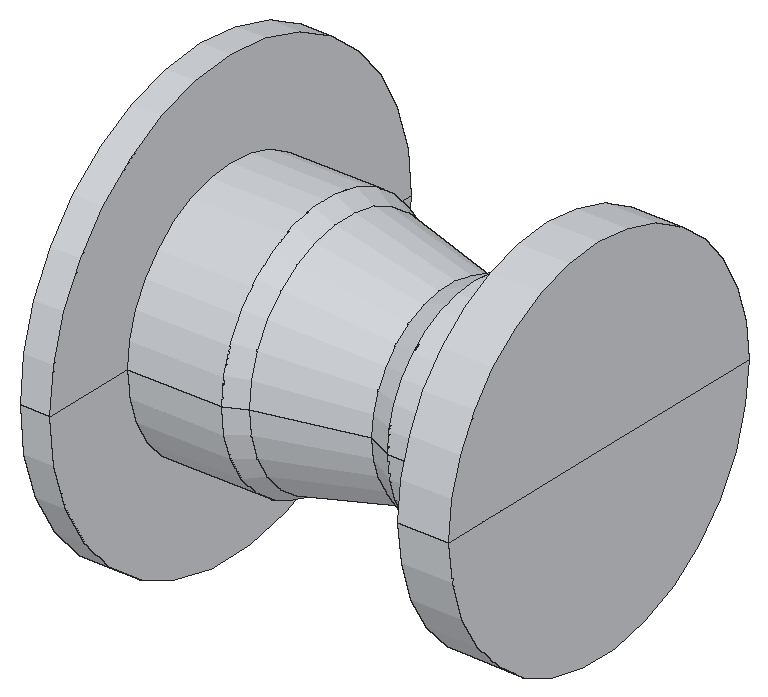
Revit family "0da9cc3efbb94581bf9d89ef3cc5a377", category Pipe Fittings, Revit 2021
Family settings
  Round Connector Dimension = Use Radius
  Part Type = Transition
  OmniClass Number = 23.60.30.11.14
  OmniClass Title = Pipework Fittings
  Work Plane-Based = No
  Always vertical = Yes
  Cut with Voids When Loaded = No
  Shared = No
Parameters (values of type "Standard")
  Visibility 2 [instance] = Nominal Diameter 2 > Nominal Diameter 1  # no
  Visibility 1 [instance] = Nominal Diameter 1 > Nominal Diameter 2  # yes
  URL = ""
  Type Comments = ""
  Tick Size 2 [instance] = if(Nominal Diameter 1 > Nominal Diameter 2, Min Tick Size 12, Max Tick Size 12)  # 1.5280"
  Tick Size 1 [instance] = if(Nominal Diameter 1 > Nominal Diameter 2, Max Tick Size 12, Min Tick Size 12)  # 1.9200"
  Min Tick Size 12 [instance] = Min Fitting Outside Diameter 12 * 0.4  # 1.5280"
  Max Tick Size 12 [instance] = Max Fitting Outside Diameter 12 * 0.4  # 1.9200"
  Socket Outside Radius 2 [instance] = Socket Outside Diameter 2 / 2  # 2.1800"
  Socket Outside Radius 1 [instance] = Socket Outside Diameter 1 / 2  # 2.5950"
  Socket Outside Diameter 2 [instance] = if(Nominal Diameter 1 > Nominal Diameter 2, Min Socket Outside Diameter 12, Max Socket Outside Diameter 12)  # 4.3600"
  Socket Outside Diameter 1 [instance] = if(Nominal Diameter 1 > Nominal Diameter 2, Max Socket Outside Diameter 12, Min Socket Outside Diameter 12)  # 5.1900"
  Socket Depth 2 [instance] = if(Nominal Diameter 2 < 14.0000", 2.5000", if(Nominal Diameter 2 < 30.0000", 3.5000", 4.0000"))  # 2.5000"
  Socket Depth 1 [instance] = if(Nominal Diameter 1 < 14.0000", 2.5000", if(Nominal Diameter 1 < 30.0000", 3.5000", 4.0000"))  # 2.5000"
  Min Socket Outside Diameter 12 [instance] = size_lookup(Lookup Table Name, "SOD", 1.08 * Min Nominal Diameter 12 + 1.1200", Min Nominal Diameter 12)  # 4.3600"
  Max Socket Outside Diameter 12 [instance] = size_lookup(Lookup Table Name, "SOD", 1.08 * Max Nominal Diameter 12 + 1.1200", Max Nominal Diameter 12)  # 5.1900"
  Nominal Radius 2 [instance] = 1.5000"
  Nominal Radius 1 [instance] = 2.0000"
  Nominal Diameter 2 [instance] = Nominal Radius 2 * 2  # 3.0000"
  Nominal Diameter 1 [instance] = Nominal Radius 1 * 2  # 4.0000"
  Min Nominal Diameter 12 [instance] = if(Nominal Diameter 1 > Nominal Diameter 2, Nominal Diameter 2, Nominal Diameter 1)  # 3.0000"
  Max Nominal Diameter 12 [instance] = if(Nominal Diameter 1 > Nominal Diameter 2, Nominal Diameter 1, Nominal Diameter 2)  # 4.0000"
  Manufacturer = ""
  Loss Method = K Coefficient from Table
  Lookup Table Name = "Reducer Compact - MJ - DI - Class 350"
  Length [instance] = if(Nominal Diameter 1 = Nominal Diameter 2, 4.0000", size_lookup(Lookup Table Name, "Lgt", 0.0800" + 1.11 * Max Nominal Diameter 12 - 0.97 * Min Nominal Diameter 12, Max Nominal Diameter 12, Min Nominal Diameter 12))  # 3.0000"
  K Coefficient Table = "Reducer/Coupling/Union/Increaser"
  Fitting Outside Radius 2 [instance] = Fitting Outside Diameter 2 / 2  # 1.9100"
  Fitting Outside Radius 1 [instance] = Fitting Outside Diameter 1 / 2  # 2.4000"
  Min Fitting Outside Diameter 12 [instance] = size_lookup(Lookup Table Name, "FOD", 1.04 * Min Nominal Diameter 12 + 0.7000", Min Nominal Diameter 12)  # 3.8200"
  Max Fitting Outside Diameter 12 [instance] = size_lookup(Lookup Table Name, "FOD", 1.04 * Max Nominal Diameter 12 + 0.7000", Max Nominal Diameter 12)  # 4.8000"
  built-in parameter 1114238 [instance] = (empty or 0)
  Fitting Outside Diameter 2 [instance] = if(Nominal Diameter 1 > Nominal Diameter 2, Min Fitting Outside Diameter 12, Max Fitting Outside Diameter 12)  # 3.8200"
  Fitting Outside Diameter 1 [instance] = if(Nominal Diameter 1 > Nominal Diameter 2, Max Fitting Outside Diameter 12, Min Fitting Outside Diameter 12)  # 4.8000"
  Description = ""
  Default Elevation = 0.0000"
  Bevel Length 2 [instance] = size_lookup(Lookup Table Name, "BvLgt", 0.04 * Nominal Diameter 2 + 0.4300", Nominal Diameter 2)  # 0.5500"
  Bevel Length 1 [instance] = size_lookup(Lookup Table Name, "BvLgt", 0.04 * Nominal Diameter 1 + 0.4300", Nominal Diameter 1)  # 0.3900"
  Gland Width 2 [instance] = size_lookup(Lookup Table Name, "GWid", 0.03 * Nominal Diameter 2 + 0.9400", Nominal Diameter 2)  # 1.0300"
  Gland Width 1 [instance] = size_lookup(Lookup Table Name, "GWid", 0.03 * Nominal Diameter 1 + 0.9400", Nominal Diameter 1)  # 0.6000"
  Gland Outside Radius 1 [instance] = Gland Outside Diameter 1 / 2  # 4.5300"
  Gland Outside Radius 2 [instance] = Gland Outside Diameter 2 / 2  # 3.7550"
  Max Gland Outside Diameter 12 [instance] = size_lookup(Lookup Table Name, "GOD", 1.16 * Max Nominal Diameter 12 + 4.0300", Max Nominal Diameter 12)  # 9.0600"
  Min Gland Outside Diameter 12 [instance] = size_lookup(Lookup Table Name, "GOD", 1.16 * Min Nominal Diameter 12 + 4.0300", Min Nominal Diameter 12)  # 7.5100"
  Gland Outside Diameter 2 [instance] = if(Nominal Diameter 1 > Nominal Diameter 2, Min Gland Outside Diameter 12, Max Gland Outside Diameter 12)  # 7.5100"
  Gland Outside Diameter 1 [instance] = if(Nominal Diameter 1 > Nominal Diameter 2, Max Gland Outside Diameter 12, Min Gland Outside Diameter 12)  # 9.0600"
  Assembly Code = ""
Reference planes (in)
  plane 1 "Center (Front/Back)": y = 0
  plane 2: z = 0
  plane 3 "Center (Left/Right)": x = 0
  plane 4 "Right": x = 8
  plane 5 "TK1 Top": y = 1.92
  plane 6 "TK1 Bottom": y = -1.92
  plane 7 "TK2 Top": y = 1.528
  plane 8 "TK2 Bottom": y = -1.528
  plane 9: y = 4.53
  plane 10: y = 2.595
  plane 11: x = 2.5
  plane 12: x = 2.89
  plane 13: y = 2.4
  plane 14 "SD2R": x = 5.5
  plane 15: x = 0.6
  plane 16: x = 6.97
  plane 17: x = 4.95
  plane 18: y = 1.91
  plane 19: y = 2.18
  plane 20: y = 3.755
Forms (in)
  Extrusion 1, solid, not visible
    sketch origin (0, 0, 0) x (0, 1, 0) y (0, 0, 1)
      loop
        circle (0, 0) r 1
    from 0 to 8
  Revolve 2, solid, detail levels fine
    sketch origin (0, 0, 0) x (1, 0, 0) y (0, 1, 0)
      loop
        line (0, 0) -> (8, 0) -> (8, 3.755) -> (6.97, 3.755) -> (6.97, 2.18) -> (5.5, 2.18) -> (4.95, 1.91) -> (2.89, 2.4) -> (2.5, 2.595) -> (0.6, 2.595) -> (0.6, 4.53) -> (0, 4.53) -> (0, 0)
      axis (0, 0) -> (8, 0)
    angle from 0 to 360
Lines and regions (in)
  model lines, detail levels coarse+medium
    curve 1: line (0, 0, 0) -> (0, 1.92, 0)
    curve 2: line (0, -1.92, 0) -> (0, 0, 0)
    curve 3: line (8, 0, 0) -> (8, 1.528, 0)
    curve 4: line (8, 0, 0) -> (8, -1.528, 0)
  model lines, style "PipeFitting", visible <- "Visibility 1", detail levels coarse+medium
    curve 5: line (0, 1.92, 0) -> (8, 0, 0)
    curve 6: line (0, -1.92, 0) -> (8, 0, 0)
  model lines, style "PipeFitting", visible <- "Visibility 2", detail levels coarse+medium
    curve 7: line (8, 1.528, 0) -> (0, 0, 0)
    curve 8: line (0, 0, 0) -> (8, -1.528, 0)
Dimensions and locks (in)
  "Tick Size 1": plane 5 "TK1 Top" to plane 1 "Center (Front/Back)"
  "Tick Size 1": plane 6 "TK1 Bottom" to plane 1 "Center (Front/Back)"
  "Tick Size 2": plane 7 "TK2 Top" to plane 1 "Center (Front/Back)"
  "Tick Size 2": plane 8 "TK2 Bottom" to plane 1 "Center (Front/Back)"
  "Gland Outside Radius 1": plane 9 to plane 1 "Center (Front/Back)"
  "Socket Outside Radius 1": plane 1 "Center (Front/Back)" to plane 10
  "Fitting Outside Radius 1": plane 13 to plane 1 "Center (Front/Back)"
  "Socket Depth 2": plane 14 "SD2R" to plane 4 "Right"
  "Socket Depth 1": plane 3 "Center (Left/Right)" to plane 11
  "Gland Width 1": plane 3 "Center (Left/Right)" to plane 15
  "Gland Width 2": plane 16 to plane 4 "Right"
  "Bevel Length 1": plane 11 to plane 12
  "Bevel Length 2": plane 17 to plane 14 "SD2R"
  "Fitting Outside Radius 2": plane 18 to plane 1 "Center (Front/Back)"
  "Socket Outside Radius 2": plane 19 to plane 1 "Center (Front/Back)"
  "Gland Outside Radius 2": plane 20 to plane 1 "Center (Front/Back)"
  "Length": plane 11 to plane 14 "SD2R"
  radius of Extrusion 1 sketch curve = 1.0000"
  aligned and locked: plane 2 to level
  aligned and locked: plane 2 to Extrusion 1 sketch curve
  aligned and locked: plane 1 "Center (Front/Back)" to Extrusion 1 sketch curve
  aligned and locked: Extrusion 1 to plane 3 "Center (Left/Right)"
  aligned and locked: plane 4 "Right" to Extrusion 1
  aligned and locked: plane 1 "Center (Front/Back)" to curve 2
  aligned and locked: plane 3 "Center (Left/Right)" to curve 1
  aligned and locked: plane 3 "Center (Left/Right)" to curve 2
  aligned and locked: plane 5 "TK1 Top" to curve 1
  aligned and locked: plane 6 "TK1 Bottom" to curve 2
  aligned and locked: plane 7 "TK2 Top" to curve 3
  aligned and locked: curve 4 to plane 4 "Right"
  aligned and locked: plane 1 "Center (Front/Back)" to Revolve 2 sketch curve
  aligned and locked: plane 3 "Center (Left/Right)" to Revolve 2 sketch curve
  aligned and locked: Revolve 2 sketch curve to plane 9
  aligned and locked: Revolve 2 sketch curve to plane 15
  aligned and locked: Revolve 2 sketch curve to plane 10
  aligned and locked: plane 11 to Revolve 2 sketch curve
  aligned and locked: plane 14 "SD2R" to Revolve 2 sketch curve
  aligned and locked: plane 19 to Revolve 2 sketch curve
  aligned and locked: plane 16 to Revolve 2 sketch curve
  aligned and locked: plane 20 to Revolve 2 sketch curve
  aligned and locked: plane 4 "Right" to Revolve 2 sketch curve
  aligned and locked: Revolve 2 sketch curve to Revolve 2 sketch curve
Automatic sketch dimensions
  plane 8 "TK2 Bottom" to curve 8 = 0.0000"
  plane 1 "Center (Front/Back)" to curve 4 = 0.0000"
  Revolve 2 sketch curve to plane 12 = 0.0000"
  Revolve 2 sketch curve to plane 17 = 0.0000"
  Revolve 2 sketch curve to plane 18 = 0.0000"
  Revolve 2 sketch curve to plane 13 = 0.0000"
  Revolve 2 sketch curve to plane 3 "Center (Left/Right)" = 9.7500"
  Revolve 2 sketch curve to Revolve 2 sketch curve = 7.2500"
Connectors (in)
  piping at (0, 0, 0), diameter 4, driven by "Nominal Radius 1"
    settings: on Extrusion 1, index 1, connector inside diameter 4.0000", connector length 0.0000", flow factor 0, pipe flow 0 GPM, pressure drop 0.00 psi, fitting loss kfactor 0, connector angle 0.00°, fixture units 0, engagement length 0.0000", angle of deflection 0.00°, flow configuration 0, flow direction 0, fitting loss method 0, system type 28, joint type 0, gender type 0, connector reference index 2, connector utility 0, adjustable connector no, is connector primary yes, connector description ""
  piping at (8, 0, 0), diameter 3, driven by "Nominal Radius 2"
    settings: on Extrusion 1, index 2, connector inside diameter 3.0000", connector length 0.0000", flow factor 0, pipe flow 0 GPM, pressure drop 0.00 psi, fitting loss kfactor 0, connector angle 0.00°, fixture units 0, engagement length 0.0000", angle of deflection 0.00°, flow configuration 0, flow direction 0, fitting loss method 0, system type 28, joint type 0, gender type 0, connector reference index 1, connector utility 0, adjustable connector no, is connector primary no, connector description ""
